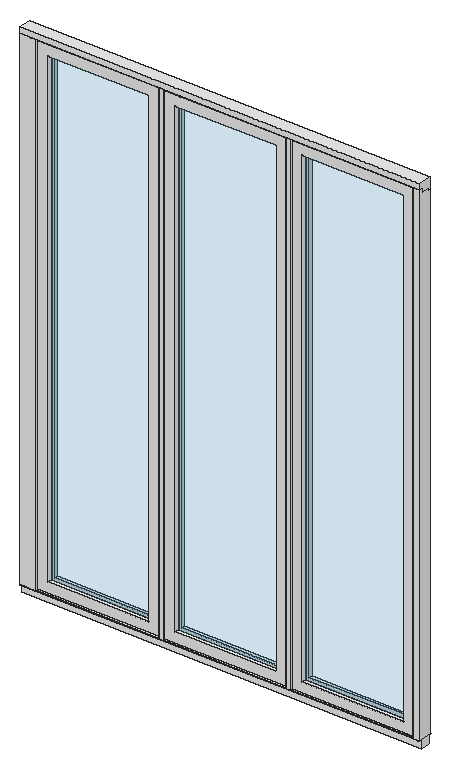
Revit family "Window-NanaWall-SL-73", category Windows, host Wall, Revit 2013 (continued)
Definition of nested family "Left-Jamb_SL-73"
  Definition of nested family "LeftJamb_SL73"
    Lines and regions (in)
      model lines, style "DetailComponents", in view "Ref. Level"
        curve 150: arc (-6.43012, -0.18135, 0) -> (-6.42781, -0.18692, 0) -> (-6.42224, -0.18922, 0) r 0.00787
        curve 151: arc (-6.27067, -0.18922, 0) -> (-6.2651, -0.18692, 0) -> (-6.2628, -0.18135, 0) r 0.00787
        curve 152: arc (-6.30709, -0.04408, 0) -> (-6.31236, -0.0244, 0) -> (-6.32677, -0.00999, 0) r 0.03937
        curve 153: arc (-6.32677, 0.41894, 0) -> (-6.31236, 0.43335, 0) -> (-6.30709, 0.45304, 0) r 0.03937
        curve 154: arc (-6.2628, 0.5903, 0) -> (-6.2651, 0.59587, 0) -> (-6.27067, 0.59818, 0) r 0.00787
        curve 155: arc (-6.42224, 0.59818, 0) -> (-6.42781, 0.59587, 0) -> (-6.43012, 0.5903, 0) r 0.00787
        curve 156: arc (-6.50689, 0.01899, 0) -> (-6.50425, 0.00915, 0) -> (-6.49705, 0.00194, 0) r 0.01969
        curve 157: arc (-6.49705, 0.40701, 0) -> (-6.50425, 0.3998, 0) -> (-6.50689, 0.38996, 0) r 0.01969
        curve 158: arc (-5.65945, -0.05659, 0) -> (-5.66665, -0.06379, 0) -> (-5.66929, -0.07363, 0) r 0.01969
        curve 159: arc (-5.66929, 0.48259, 0) -> (-5.66665, 0.47275, 0) -> (-5.65945, 0.46554, 0) r 0.01969
        curve 160: arc (-5.63878, 0.04172, 0) -> (-5.62437, 0.05613, 0) -> (-5.61909, 0.07582, 0) r 0.03937
        curve 161: arc (-5.61909, 0.33314, 0) -> (-5.62437, 0.35282, 0) -> (-5.63878, 0.36723, 0) r 0.03937
        curve 162: arc (-5.625, 0.5903, 0) -> (-5.62731, 0.59587, 0) -> (-5.63287, 0.59818, 0) r 0.00787
        curve 163: arc (-5.78445, 0.59818, 0) -> (-5.79002, 0.59587, 0) -> (-5.79232, 0.5903, 0) r 0.00787
        curve 164: arc (-5.74803, 0.45304, 0) -> (-5.74276, 0.43335, 0) -> (-5.72835, 0.41894, 0) r 0.03937
        curve 165: arc (-5.72835, -0.00999, 0) -> (-5.74276, -0.0244, 0) -> (-5.74803, -0.04408, 0) r 0.03937
        curve 166: arc (-5.79232, -0.18135, 0) -> (-5.79002, -0.18692, 0) -> (-5.78445, -0.18922, 0) r 0.00787
        curve 167: arc (-5.63287, -0.18922, 0) -> (-5.62731, -0.18692, 0) -> (-5.625, -0.18135, 0) r 0.00787
        curve 168: arc (-5.54823, 0.38996, 0) -> (-5.55087, 0.3998, 0) -> (-5.55807, 0.40701, 0) r 0.01969
        curve 169: arc (-5.55807, 0.00194, 0) -> (-5.55087, 0.00915, 0) -> (-5.54823, 0.01899, 0) r 0.01969
        curve 170: arc (-6.07385, 0.81241, 0) -> (-6.07942, 0.81471, 0) -> (-6.08498, 0.81241, 0) r 0.00787
        curve 171: arc (-6.53543, 0.62967, 0) -> (-6.52621, 0.6074, 0) -> (-6.50394, 0.59818, 0) r 0.0315
        curve 172: arc (-6.50394, 0.47655, 0) -> (-6.49624, 0.46093, 0) -> (-6.47916, 0.45753, 0) r 0.01969
        curve 173: arc (-6.39406, 0.48034, 0) -> (-6.38882, 0.48493, 0) -> (-6.38927, 0.49188, 0) r 0.00787
        curve 174: arc (-6.44383, 0.58637, 0) -> (-6.44383, 0.59424, 0) -> (-6.43701, 0.59818, 0) r 0.00787
        curve 175: arc (-6.25591, 0.59818, 0) -> (-6.24909, 0.59424, 0) -> (-6.24909, 0.58637, 0) r 0.00787
        curve 176: arc (-6.30364, 0.49188, 0) -> (-6.30364, 0.484, 0) -> (-6.29682, 0.48007, 0) r 0.00787
        curve 177: arc (-6.24227, 0.48007, 0) -> (-6.22258, 0.48534, 0) -> (-6.20817, 0.49975, 0) r 0.03937
        curve 178: arc (-5.84695, 0.49975, 0) -> (-5.83254, 0.48534, 0) -> (-5.81285, 0.48007, 0) r 0.03937
        curve 179: arc (-5.7583, 0.48007, 0) -> (-5.75148, 0.484, 0) -> (-5.75148, 0.49188, 0) r 0.00787
        curve 180: arc (-5.80603, 0.58637, 0) -> (-5.80603, 0.59424, 0) -> (-5.79921, 0.59818, 0) r 0.00787
        curve 181: arc (-5.61811, 0.59818, 0) -> (-5.61129, 0.59424, 0) -> (-5.61129, 0.58637, 0) r 0.00787
        curve 182: arc (-5.66584, 0.49188, 0) -> (-5.6663, 0.48493, 0) -> (-5.66106, 0.48034, 0) r 0.00787
        curve 183: arc (-5.57596, 0.45753, 0) -> (-5.55888, 0.46093, 0) -> (-5.55118, 0.47655, 0) r 0.01969
        curve 184: arc (-4.75984, 0.59818, 0) -> (-4.72441, 0.63361, 0) -> (-4.75984, 0.66904, 0) r 0.03543
        curve 185: arc (-4.97098, 0.73665, 0) -> (-4.96359, 0.74055, 0) -> (-4.96063, 0.74837, 0) r 0.01181
        curve 186: arc (-4.96063, 0.80232, 0) -> (-4.96359, 0.81013, 0) -> (-4.97098, 0.81404, 0) r 0.01181
        curve 187: arc (-4.65354, 0.88164, 0) -> (-4.64923, 0.87594, 0) -> (-4.64241, 0.87377, 0) r 0.01181
        curve 188: arc (-4.61811, 0.87377, 0) -> (-4.60976, 0.87723, 0) -> (-4.6063, 0.88558, 0) r 0.01181
        curve 189: arc (-4.6063, 0.91314, 0) -> (-4.61783, 0.94098, 0) -> (-4.64567, 0.95251, 0) r 0.03937
        curve 190: arc (-4.61811, 1.49582, 0) -> (-4.60081, 1.45406, 0) -> (-4.55906, 1.43676, 0) r 0.05906
        curve 191: arc (-4.17323, 1.56274, 0) -> (-4.094, 1.53223, 0) -> (-4.05571, 1.45645, 0) r 0.11811
        curve 192: arc (-4.2126, 1.45645, 0) -> (-4.25436, 1.43915, 0) -> (-4.27165, 1.39739, 0) r 0.05906
        curve 193: arc (-4.27165, 1.34621, 0) -> (-4.26012, 1.31837, 0) -> (-4.23228, 1.30684, 0) r 0.03937
        curve 194: arc (-4.20472, 1.30684, 0) -> (-4.1908, 1.3126, 0) -> (-4.18504, 1.32652, 0) r 0.01969
        curve 195: arc (-4.06299, 1.32652, 0) -> (-4.05723, 1.3126, 0) -> (-4.04331, 1.30684, 0) r 0.01969
        curve 196: arc (-3.97638, 1.44463, 0) -> (-4.03403, 1.58383, 0) -> (-4.17323, 1.64148, 0) r 0.19685
        curve 197: arc (-6.08498, 0.89576, 0) -> (-6.07942, 0.89345, 0) -> (-6.07385, 0.89576, 0) r 0.00787
        curve 198: arc (-0.88499, -0.3467, 0) -> (-0.87385, -0.34209, 0) -> (-0.86924, -0.33096, 0) r 0.01575
        curve 199: arc (-0.91255, -0.22911, 0) -> (-0.91094, -0.24134, 0) -> (-0.90622, -0.25274, 0) r 0.04724
        curve 200: arc (-0.90622, 0.50421, 0) -> (-0.91094, 0.49282, 0) -> (-0.91255, 0.48059, 0) r 0.04724
        curve 201: arc (-0.86924, 0.58243, 0) -> (-0.87385, 0.59357, 0) -> (-0.88499, 0.59818, 0) r 0.01575
        curve 202: arc (-1.01885, 0.59818, 0) -> (-1.02998, 0.59357, 0) -> (-1.0346, 0.58243, 0) r 0.01575
        curve 203: arc (-0.99129, 0.48059, 0) -> (-0.9929, 0.49282, 0) -> (-0.99762, 0.50421, 0) r 0.04724
        curve 204: arc (-0.99762, -0.25274, 0) -> (-0.9929, -0.24134, 0) -> (-0.99129, -0.22911, 0) r 0.04724
        curve 205: arc (-1.0346, -0.33096, 0) -> (-1.02998, -0.34209, 0) -> (-1.01885, -0.3467, 0) r 0.01575
        curve 206: arc (-1.48115, -0.3467, 0) -> (-1.47002, -0.34209, 0) -> (-1.4654, -0.33096, 0) r 0.01575
        curve 207: arc (-1.50871, -0.22911, 0) -> (-1.5071, -0.24134, 0) -> (-1.50238, -0.25274, 0) r 0.04724
        curve 208: arc (-1.50238, 0.50421, 0) -> (-1.5071, 0.49282, 0) -> (-1.50871, 0.48059, 0) r 0.04724
        curve 209: arc (-1.4654, 0.58243, 0) -> (-1.47002, 0.59357, 0) -> (-1.48115, 0.59818, 0) r 0.01575
        curve 210: arc (-1.61501, 0.59818, 0) -> (-1.62615, 0.59357, 0) -> (-1.63076, 0.58243, 0) r 0.01575
        curve 211: arc (-1.58745, 0.48059, 0) -> (-1.58906, 0.49282, 0) -> (-1.59378, 0.50421, 0) r 0.04724
        curve 212: arc (-1.59378, -0.25274, 0) -> (-1.58906, -0.24134, 0) -> (-1.58745, -0.22911, 0) r 0.04724
        curve 213: arc (-1.63076, -0.33096, 0) -> (-1.62615, -0.34209, 0) -> (-1.61501, -0.3467, 0) r 0.01575
        curve 214: arc (-1.11811, 0.56668, 0) -> (-1.09851, 0.51936, 0) -> (-1.05118, 0.49975, 0) r 0.06693
        curve 215: arc (-1.00868, 0.49975, 0) -> (-1.00081, 0.50763, 0) -> (-1.00868, 0.5155, 0) r 0.00787
        curve 216: arc (-0.86485, 0.55255, 0) -> (-0.84802, 0.57232, 0) -> (-0.85039, 0.59818, 0) r 0.03346
        curve 217: arc (-0.86485, 0.55255, 0) -> (-0.8723, 0.54732, 0) -> (-0.87794, 0.54018, 0) r 0.0315
        curve 218: arc (-0.89057, 0.5183, 0) -> (-0.89434, 0.51935, 0) -> (-0.89814, 0.51847, 0) r 0.00787
        curve 219: arc (-0.89814, 0.51847, 0) -> (-0.90137, 0.51535, 0) -> (-0.90237, 0.51097, 0) r 0.00787
        curve 220: arc (-0.90237, 0.51097, 0) -> (-0.9006, 0.50649, 0) -> (-0.89655, 0.50388, 0) r 0.00787
        curve 221: arc (-0.8327, 0.47771, 0) -> (-0.83514, 0.4849, 0) -> (-0.84145, 0.48911, 0) r 0.01181
        curve 222: arc (-0.82483, 0.42101, 0) -> (-0.80255, 0.43024, 0) -> (-0.79333, 0.45251, 0) r 0.0315
        curve 223: arc (-0.78987, 0.46677, 0) -> (-0.79243, 0.46293, 0) -> (-0.79333, 0.45841, 0) r 0.01181
        curve 224: arc (-0.78214, 0.4745, 0) -> (-0.7803, 0.47737, 0) -> (-0.77986, 0.48075, 0) r 0.00787
        curve 225: arc (-0.7874, 0.59517, 0) -> (-0.79132, 0.58709, 0) -> (-0.78842, 0.57859, 0) r 0.01181
        curve 226: arc (-0.83654, 0.75539, 0) -> (-0.84338, 0.75403, 0) -> (-0.84646, 0.74778, 0) r 0.00787
        curve 227: arc (-0.07105, 0.98091, 0) -> (-0.13394, 1.12, 0) -> (-0.27559, 1.17692, 0) r 0.20472
        curve 228: arc (-0.09072, 0.96038, 0) -> (-0.07651, 0.96645, 0) -> (-0.07105, 0.98091, 0) r 0.01969
        curve 229: arc (-0.40551, 0.96038, 0) -> (-0.44727, 0.94309, 0) -> (-0.46457, 0.90133, 0) r 0.05906
        curve 230: arc (-0.46457, 0.82259, 0) -> (-0.45073, 0.78918, 0) -> (-0.41732, 0.77534, 0) r 0.04724
        curve 231: arc (0, 0.97219, 0) -> (-0.08072, 1.16707, 0) -> (-0.27559, 1.24778, 0) r 0.27559
        curve 232: arc (-1.7126, 1.06437, 0) -> (-1.70669, 1.15608, 0) -> (-1.7126, 1.24778, 0) r 0.71502
        curve 233: arc (-1.66346, 1.0512, 0) -> (-1.65662, 1.05256, 0) -> (-1.65354, 1.05881, 0) r 0.00787
        curve 234: arc (-1.65354, 0.74778, 0) -> (-1.65662, 0.75403, 0) -> (-1.66346, 0.75539, 0) r 0.00787
        curve 235: arc (-1.71158, 0.57859, 0) -> (-1.70868, 0.58709, 0) -> (-1.7126, 0.59517, 0) r 0.01181
        curve 236: arc (-1.72014, 0.48075, 0) -> (-1.7197, 0.47737, 0) -> (-1.71786, 0.4745, 0) r 0.00787
        curve 237: arc (-1.70667, 0.45841, 0) -> (-1.70757, 0.46293, 0) -> (-1.71013, 0.46677, 0) r 0.01181
        curve 238: arc (-1.70667, 0.45251, 0) -> (-1.69745, 0.43024, 0) -> (-1.67517, 0.42101, 0) r 0.0315
        curve 239: arc (-1.65855, 0.48911, 0) -> (-1.66486, 0.4849, 0) -> (-1.6673, 0.47771, 0) r 0.01181
        curve 240: arc (-1.60345, 0.50388, 0) -> (-1.5994, 0.50649, 0) -> (-1.59763, 0.51097, 0) r 0.00787
        curve 241: arc (-1.59763, 0.51097, 0) -> (-1.59863, 0.51535, 0) -> (-1.60186, 0.51847, 0) r 0.00787
        curve 242: arc (-1.60186, 0.51847, 0) -> (-1.60566, 0.51935, 0) -> (-1.60943, 0.5183, 0) r 0.00787
        curve 243: arc (-1.62206, 0.54018, 0) -> (-1.6277, 0.54732, 0) -> (-1.63515, 0.55255, 0) r 0.0315
        curve 244: arc (-1.64961, 0.59818, 0) -> (-1.65198, 0.57232, 0) -> (-1.63515, 0.55255, 0) r 0.03346
        curve 245: arc (-1.49132, 0.5155, 0) -> (-1.49919, 0.50763, 0) -> (-1.49132, 0.49975, 0) r 0.00787
        curve 246: arc (-1.44882, 0.49975, 0) -> (-1.40149, 0.51936, 0) -> (-1.38189, 0.56668, 0) r 0.06693
        curve 247: arc (-1.63515, -0.30108, 0) -> (-1.65198, -0.32085, 0) -> (-1.64961, -0.3467, 0) r 0.03346
        curve 248: arc (-1.63515, -0.30108, 0) -> (-1.6277, -0.29585, 0) -> (-1.62206, -0.2887, 0) r 0.0315
        curve 249: arc (-1.59762, -0.25975, 0) -> (-1.59932, -0.25511, 0) -> (-1.60345, -0.2524, 0) r 0.00787
        curve 250: arc (-1.60207, -0.2671, 0) -> (-1.59876, -0.26409, 0) -> (-1.59762, -0.25975, 0) r 0.00787
        curve 251: arc (-1.60943, -0.26683, 0) -> (-1.60578, -0.26788, 0) -> (-1.60207, -0.2671, 0) r 0.00787
        curve 252: arc (-1.6673, -0.22623, 0) -> (-1.66486, -0.23342, 0) -> (-1.65855, -0.23764, 0) r 0.01181
        curve 253: arc (-1.67517, -0.16954, 0) -> (-1.69745, -0.17876, 0) -> (-1.70667, -0.20103, 0) r 0.0315
        curve 254: arc (-1.71013, -0.21529, 0) -> (-1.70757, -0.21146, 0) -> (-1.70667, -0.20694, 0) r 0.01181
        curve 255: arc (-1.71786, -0.22303, 0) -> (-1.7197, -0.2259, 0) -> (-1.72014, -0.22928, 0) r 0.00787
        curve 256: arc (-1.7126, -0.3437, 0) -> (-1.70868, -0.33562, 0) -> (-1.71158, -0.32712, 0) r 0.01181
        curve 257: arc (-1.7126, -0.38607, 0) -> (-1.70107, -0.41391, 0) -> (-1.67323, -0.42544, 0) r 0.03937
        curve 258: arc (-1.7874, -0.68135, 0) -> (-1.80132, -0.68712, 0) -> (-1.80709, -0.70103, 0) r 0.01969
        curve 259: arc (-2.00394, -0.70103, 0) -> (-2.0097, -0.68712, 0) -> (-2.02362, -0.68135, 0) r 0.01969
        curve 260: arc (-2.07087, -0.68135, 0) -> (-2.0987, -0.69288, 0) -> (-2.11024, -0.72072, 0) r 0.03937
        curve 261: arc (-2.25619, -0.8782, 0) -> (-2.28279, -0.88854, 0) -> (-2.29541, -0.91414, 0) r 0.03937
        curve 262: arc (-2.25401, -1.01573, 0) -> (-2.24718, -1.01437, 0) -> (-2.24409, -1.00812, 0) r 0.00787
        curve 263: arc (-2.24409, -1.31915, 0) -> (-2.24718, -1.3129, 0) -> (-2.25401, -1.31154, 0) r 0.00787
        curve 264: arc (-2.30315, -1.50812, 0) -> (-2.29724, -1.41641, 0) -> (-2.30315, -1.32471, 0) r 0.71502
        curve 265: arc (-0.83654, -0.74067, 0) -> (-0.84338, -0.74203, 0) -> (-0.84646, -0.74828, 0) r 0.00787
        curve 266: arc (-0.84646, -0.49631, 0) -> (-0.84338, -0.50256, 0) -> (-0.83654, -0.50392, 0) r 0.00787
        curve 267: arc (-0.78842, -0.32712, 0) -> (-0.79132, -0.33562, 0) -> (-0.7874, -0.3437, 0) r 0.01181
        curve 268: arc (-0.77986, -0.22928, 0) -> (-0.7803, -0.2259, 0) -> (-0.78214, -0.22303, 0) r 0.00787
        curve 269: arc (-0.79333, -0.20694, 0) -> (-0.79243, -0.21146, 0) -> (-0.78987, -0.21529, 0) r 0.01181
        curve 270: arc (-0.79333, -0.20103, 0) -> (-0.80255, -0.17876, 0) -> (-0.82483, -0.16954, 0) r 0.0315
        curve 271: arc (-0.84145, -0.23764, 0) -> (-0.83514, -0.23342, 0) -> (-0.8327, -0.22623, 0) r 0.01181
        curve 272: arc (-0.89655, -0.2524, 0) -> (-0.90068, -0.25511, 0) -> (-0.90238, -0.25975, 0) r 0.00787
        curve 273: arc (-0.90238, -0.25975, 0) -> (-0.90124, -0.26409, 0) -> (-0.89793, -0.2671, 0) r 0.00787
        curve 274: arc (-0.89793, -0.2671, 0) -> (-0.89422, -0.26788, 0) -> (-0.89057, -0.26683, 0) r 0.00787
        curve 275: arc (-0.87794, -0.2887, 0) -> (-0.8723, -0.29585, 0) -> (-0.86485, -0.30108, 0) r 0.0315
        curve 276: arc (-0.85039, -0.3467, 0) -> (-0.84802, -0.32085, 0) -> (-0.86485, -0.30108, 0) r 0.03346
        curve 277: arc (-1.00868, -0.26403, 0) -> (-1.00475, -0.26297, 0) -> (-1.00187, -0.26009, 0) r 0.00787
        curve 278: arc (-1.00187, -0.26009, 0) -> (-1.00187, -0.25222, 0) -> (-1.00868, -0.24828, 0) r 0.00787
        curve 279: arc (-1.05118, -0.24828, 0) -> (-1.09851, -0.26788, 0) -> (-1.11811, -0.31521, 0) r 0.06693
        curve 280: arc (-1.38189, -0.31521, 0) -> (-1.40149, -0.26788, 0) -> (-1.44882, -0.24828, 0) r 0.06693
        curve 281: arc (-1.49813, -0.26009, 0) -> (-1.49525, -0.26297, 0) -> (-1.49132, -0.26403, 0) r 0.00787
        curve 282: arc (-1.49132, -0.24828, 0) -> (-1.49813, -0.25222, 0) -> (-1.49813, -0.26009, 0) r 0.00787
        curve 283: arc (-1.48031, -1.35852, 0) -> (-1.50815, -1.37005, 0) -> (-1.51969, -1.39789, 0) r 0.03937
        curve 284: arc (-1.76772, -0.94513, 0) -> (-1.72039, -0.92553, 0) -> (-1.70079, -0.8782, 0) r 0.06693
        curve 285: arc (-1.51969, -0.74828, 0) -> (-1.47236, -0.72868, 0) -> (-1.45276, -0.68135, 0) r 0.06693
        curve 286: arc (-1.7126, 1.06437, 0) -> (-1.70669, 1.15608, 0) -> (-1.7126, 1.24778, 0) r 0.71502
        curve 287: arc (-0.46457, 0.82259, 0) -> (-0.45073, 0.78918, 0) -> (-0.41732, 0.77534, 0) r 0.04724
        curve 288: arc (-0.60646, 0.543, 0) -> (-0.59585, 0.5386, 0) -> (-0.58525, 0.543, 0) r 0.015
        curve 289: arc (-0.53153, 0.59671, 0) -> (-0.52093, 0.6011, 0) -> (-0.51032, 0.59671, 0) r 0.015
        curve 290: arc (-0.45661, 0.543, 0) -> (-0.446, 0.5386, 0) -> (-0.43539, 0.543, 0) r 0.015
        curve 291: arc (-0.38168, 0.59671, 0) -> (-0.37108, 0.6011, 0) -> (-0.36047, 0.59671, 0) r 0.015
        curve 292: arc (-0.30676, 0.543, 0) -> (-0.29615, 0.5386, 0) -> (-0.28554, 0.543, 0) r 0.015
        curve 293: arc (-0.23183, 0.59671, 0) -> (-0.22122, 0.6011, 0) -> (-0.21062, 0.59671, 0) r 0.015
        curve 294: arc (-0.1569, 0.543, 0) -> (-0.1463, 0.5386, 0) -> (-0.13569, 0.543, 0) r 0.015
        curve 295: arc (-0.08198, 0.59671, 0) -> (-0.07137, 0.6011, 0) -> (-0.06076, 0.59671, 0) r 0.015
        curve 296: arc (-0.00705, 0.543, 0) -> (0.00356, 0.5386, 0) -> (0.01416, 0.543, 0) r 0.015
        curve 297: arc (0.06788, 0.59671, 0) -> (0.07848, 0.6011, 0) -> (0.08909, 0.59671, 0) r 0.015
        curve 298: arc (0.1578, 0.528, 0) -> (0.17606, 0.5257, 0) -> (0.18281, 0.54281, 0) r 0.015
        curve 299: arc (0.09369, 0.85361, 0) -> (0.0829, 0.8693, 0) -> (0.06485, 0.87534, 0) r 0.03
        curve 300: arc (-0.08343, 0.82471, 0) -> (-0.07456, 0.83009, 0) -> (-0.07524, 0.84044, 0) r 0.01
        curve 301: arc (-0.18183, 0.78257, 0) -> (-0.19255, 0.76654, 0) -> (-0.21081, 0.76034, 0) r 0.03
        curve 302: arc (-0.26557, 0.76034, 0) -> (-0.28383, 0.76654, 0) -> (-0.29455, 0.78257, 0) r 0.03
        curve 303: arc (-0.40115, 0.84044, 0) -> (-0.40182, 0.83009, 0) -> (-0.39295, 0.82471, 0) r 0.01
        curve 304: arc (-0.2225, -0.75732, 0) -> (-0.18681, -0.75787, 0) -> (-0.16535, -0.72935, 0) r 0.03937
        curve 305: arc (-0.09251, -0.7571, 0) -> (-0.00658, -0.70869, 0) -> (0.0337, -0.61866, 0) r 0.15748
        curve 306: arc (-0.11107, -0.73892, 0) -> (-0.10658, -0.7529, 0) -> (-0.09251, -0.7571, 0) r 0.01575
        curve 307: arc (0.10384, -0.62843, 0) -> (0.07384, -0.58718, 0) -> (0.0337, -0.61866, 0) r 0.03543
        curve 308: arc (-0.08995, -0.61919, 0) -> (-0.11231, -0.58726, 0) -> (-0.14424, -0.60962, 0) r 0.02756
        curve 309: arc (-0.53839, -0.59049, 0) -> (-0.58095, -0.60363, 0) -> (-0.56781, -0.64619, 0) r 0.0315
        curve 310: arc (-0.69685, -1.4097, 0) -> (-0.69108, -1.42362, 0) -> (-0.67717, -1.42938, 0) r 0.01969
        curve 311: arc (-0.69685, -1.29186, 0) -> (-0.72337, -1.22783, 0) -> (-0.7874, -1.2013, 0) r 0.09055
        curve 312: arc (-0.83811, -1.18516, 0) -> (-0.83136, -1.19674, 0) -> (-0.81875, -1.2013, 0) r 0.01969
        curve 313: arc (-0.88717, -0.92401, 0) -> (-0.86818, -0.89653, 0) -> (-0.89566, -0.87754, 0) r 0.02362
        curve 314: arc (-0.93441, -0.88461, 0) -> (-0.95974, -0.90098, 0) -> (-0.96606, -0.93047, 0) r 0.03937
        curve 315: arc (-0.9719, -0.93953, 0) -> (-0.96718, -0.93616, 0) -> (-0.96606, -0.93047, 0) r 0.00787
        curve 316: arc (-0.9719, -0.93953, 0) -> (-0.98946, -0.9667, 0) -> (-0.96344, -0.98592, 0) r 0.02362
        curve 317: arc (-0.95476, -0.99232, 0) -> (-0.95783, -0.9874, 0) -> (-0.96344, -0.98592, 0) r 0.00787
        curve 318: arc (-0.87399, -1.29541, 0) -> (-0.86725, -1.30698, 0) -> (-0.85466, -1.31154, 0) r 0.01965
        curve 319: arc (-0.83858, -1.31154, 0) -> (-0.82466, -1.30578, 0) -> (-0.8189, -1.29186, 0) r 0.01969
        curve 320: arc (-0.79921, -1.27217, 0) -> (-0.81313, -1.27794, 0) -> (-0.8189, -1.29186, 0) r 0.01969
        curve 321: arc (-0.76772, -1.29186, 0) -> (-0.77348, -1.27794, 0) -> (-0.7874, -1.27217, 0) r 0.01969
        curve 322: arc (-0.76772, -1.453, 0) -> (-0.78164, -1.45877, 0) -> (-0.7874, -1.47269, 0) r 0.01969
        curve 323: arc (-0.0003, -0.90428, 0) -> (-0.01183, -0.87644, 0) -> (-0.03967, -0.86491, 0) r 0.03937
        curve 324: arc (-0.07904, -0.86491, 0) -> (-0.09296, -0.87067, 0) -> (-0.09872, -0.88459, 0) r 0.01968
        curve 325: arc (-0.25621, -0.88459, 0) -> (-0.26197, -0.87067, 0) -> (-0.27589, -0.86491, 0) r 0.01969
        curve 326: arc (-0.30345, -0.86491, 0) -> (-0.33129, -0.87644, 0) -> (-0.34282, -0.90428, 0) r 0.03937
        curve 327: arc (-0.34282, -0.98302, 0) -> (-0.33129, -1.01086, 0) -> (-0.30345, -1.02239, 0) r 0.03937
        curve 328: arc (-0.9719, -0.93953, 0) -> (-0.98946, -0.9667, 0) -> (-0.96344, -0.98592, 0) r 0.02362
        curve 329: arc (-0.96344, -0.98592, 0) -> (-0.95783, -0.9874, 0) -> (-0.95476, -0.99232, 0) r 0.00787
        curve 330: arc (-0.87399, -1.29541, 0) -> (-0.86725, -1.30698, 0) -> (-0.85465, -1.31154, 0) r 0.01965
        curve 331: arc (-0.83858, -1.31154, 0) -> (-0.82466, -1.30578, 0) -> (-0.8189, -1.29186, 0) r 0.01969
        curve 332: arc (-0.8189, -1.29186, 0) -> (-0.81313, -1.27794, 0) -> (-0.79921, -1.27217, 0) r 0.01969
        curve 333: arc (-0.7874, -1.27217, 0) -> (-0.77348, -1.27794, 0) -> (-0.76772, -1.29186, 0) r 0.01969
        curve 334: arc (-0.76772, -1.453, 0) -> (-0.78164, -1.45877, 0) -> (-0.7874, -1.47269, 0) r 0.01969
        curve 335: arc (-0.0003, -0.90428, 0) -> (-0.01183, -0.87644, 0) -> (-0.03967, -0.86491, 0) r 0.03937
        curve 336: arc (-0.07904, -0.86491, 0) -> (-0.09296, -0.87067, 0) -> (-0.09872, -0.88459, 0) r 0.01968
        curve 337: arc (-0.25621, -0.88459, 0) -> (-0.26197, -0.87067, 0) -> (-0.27589, -0.86491, 0) r 0.01969
        curve 338: arc (-0.30345, -0.86491, 0) -> (-0.33129, -0.87644, 0) -> (-0.34282, -0.90428, 0) r 0.03937
        curve 339: arc (-0.34282, -0.98302, 0) -> (-0.33129, -1.01086, 0) -> (-0.30345, -1.02239, 0) r 0.03937
        curve 340: arc (-0.67717, -1.42938, 0) -> (-0.69108, -1.42362, 0) -> (-0.69685, -1.4097, 0) r 0.01969
        curve 341: arc (-0.69685, -1.29186, 0) -> (-0.72337, -1.22783, 0) -> (-0.7874, -1.2013, 0) r 0.09055
        curve 342: arc (-0.81875, -1.2013, 0) -> (-0.83136, -1.19674, 0) -> (-0.83811, -1.18516, 0) r 0.01969
        curve 343: arc (-0.88717, -0.92401, 0) -> (-0.86818, -0.89653, 0) -> (-0.89566, -0.87754, 0) r 0.02362
        curve 344: line (-2.01762, 1.2281, 0) -> (-2.01762, 1.05093, 0)
        curve 345: line (-2.01762, 1.05093, 0) -> (-2.07634, 1.05392, 0)
        curve 346: line (-2.07634, 1.05392, 0) -> (-2.08858, 1.04757, 0)
        curve 347: line (-2.08858, 1.04757, 0) -> (-2.10055, 1.08046, 0)
        curve 348: line (-2.10055, 1.08046, 0) -> (-2.1752, 1.00582, 0)
        curve 349: line (-2.1752, 1.00582, 0) -> (-2.1752, 0.80077, 0)
        curve 350: line (-1.80949, 1.19636, 0) -> (-1.85193, 1.03346, 0)
        curve 351: line (-1.72244, 1.2281, 0) -> (-1.72244, 0.57849, 0)
        curve 352: line (-1.93147, 1.15866, 0) -> (-1.88743, 1.03179, 0)
        curve 353: line (-1.77165, 0.61786, 0) -> (-1.77165, 0.9033, 0)
        curve 354: line (-1.77165, 0.9033, 0) -> (-1.77165, 1.18873, 0)
        curve 355: line (-1.83564, 1.23573, 0) -> (-1.86583, 1.10199, 0)
        curve 356: line (-1.74213, 1.24778, 0) -> (-1.8175, 1.24778, 0)
        curve 357: line (-1.92901, 1.2374, 0) -> (-1.88003, 1.10133, 0)
        curve 358: line (-1.94636, 1.24778, 0) -> (-1.99793, 1.24778, 0)
        curve 359: line (-2.01762, 0.57849, 0) -> (-2.01762, 0.75566, 0)
        curve 360: line (-2.01762, 0.75566, 0) -> (-2.07634, 0.75267, 0)
        curve 361: line (-2.07634, 0.75267, 0) -> (-2.08858, 0.75902, 0)
        curve 362: line (-2.08858, 0.75902, 0) -> (-2.10055, 0.72613, 0)
        curve 363: line (-2.10055, 0.72613, 0) -> (-2.1752, 0.80077, 0)
        curve 364: line (-1.83564, 0.57087, 0) -> (-1.86583, 0.7046, 0)
        curve 365: line (-1.92901, 0.56919, 0) -> (-1.88003, 0.70527, 0)
        curve 366: line (-1.80949, 0.61024, 0) -> (-1.85193, 0.77313, 0)
        curve 367: line (-2.11763, 1.00771, 0) -> (-2.04921, 1.00172, 0)
        curve 368: line (-2.04921, 1.00172, 0) -> (-2.04921, 0.80487, 0)
        curve 369: line (-2.04921, 0.80487, 0) -> (-2.11763, 0.79888, 0)
        curve 370: line (-2.11763, 0.79888, 0) -> (-2.14764, 0.82889, 0)
        curve 371: line (-2.14764, 0.82889, 0) -> (-2.14764, 0.9777, 0)
        curve 372: line (-2.14764, 0.9777, 0) -> (-2.11763, 1.00771, 0)
        curve 373: line (-1.9685, 0.65723, 0) -> (-1.9685, 0.84933, 0)
        curve 374: line (-1.9685, 0.84933, 0) -> (-1.99016, 0.89263, 0)
        curve 375: line (-1.99016, 0.89263, 0) -> (-1.99016, 0.9033, 0)
        curve 376: line (-1.99016, 0.9033, 0) -> (-1.99016, 0.91396, 0)
        curve 377: line (-1.99016, 0.91396, 0) -> (-1.9685, 0.95727, 0)
        curve 378: line (-1.9685, 0.95727, 0) -> (-1.9685, 1.14936, 0)
        curve 379: line (-1.93147, 0.64793, 0) -> (-1.88743, 0.7748, 0)
        curve 380: line (-1.74213, 0.55881, 0) -> (-1.8175, 0.55881, 0)
        curve 381: line (-1.94636, 0.55881, 0) -> (-1.99793, 0.55881, 0)
        curve 382: line (-1.76772, -0.74034, 0) -> (-1.76945, -0.75357, 0)
        curve 383: line (-1.76945, -0.75357, 0) -> (-1.82542, -0.80954, 0)
        curve 384: line (-1.82542, -0.80954, 0) -> (-1.99005, -0.81127, 0)
        curve 385: line (-1.99005, -0.81127, 0) -> (-2.04158, -0.76219, 0)
        curve 386: line (-2.04158, -0.76219, 0) -> (-2.04331, -0.74897, 0)
        curve 387: line (-2.22638, -0.63411, 0) -> (-1.76378, -0.63411, 0)
        curve 388: line (-1.72441, -0.67348, 0) -> (-1.72441, -0.68135, 0)
        curve 389: line (-1.72441, -0.68135, 0) -> (-1.80118, -0.68135, 0)
        curve 390: line (-1.80118, -0.68135, 0) -> (-1.80709, -0.74434, 0)
        curve 391: line (-1.80709, -0.74434, 0) -> (-1.78203, -0.73157, 0)
        curve 392: line (-1.83858, -0.75615, 0) -> (-1.83858, -0.71678, 0)
        curve 393: line (-2.029, -0.7402, 0) -> (-2.00394, -0.75297, 0)
        curve 394: line (-2.00394, -0.75297, 0) -> (-2.00394, -0.68726, 0)
        curve 395: line (-2.00394, -0.68726, 0) -> (-2.1122, -0.68135, 0)
        curve 396: line (-2.1122, -0.68135, 0) -> (-2.11811, -0.74623, 0)
        curve 397: line (-1.97244, -0.71678, 0) -> (-1.97244, -0.75615, 0)
        curve 398: line (-1.85827, -0.6971, 0) -> (-1.95276, -0.6971, 0)
        curve 399: line (-1.95276, -0.77584, 0) -> (-1.85827, -0.77584, 0)
        curve 400: line (-4.22835, -0.74034, 0) -> (-4.23008, -0.75357, 0)
        curve 401: line (-4.23008, -0.75357, 0) -> (-4.28605, -0.80954, 0)
        curve 402: line (-4.28605, -0.80954, 0) -> (-4.45068, -0.81127, 0)
        curve 403: line (-4.45068, -0.81127, 0) -> (-4.50221, -0.76219, 0)
        curve 404: line (-4.50221, -0.76219, 0) -> (-4.50394, -0.74897, 0)
        curve 405: line (-4.68701, -0.63411, 0) -> (-4.22441, -0.63411, 0)
        curve 406: line (-4.18504, -0.67348, 0) -> (-4.18504, -0.68135, 0)
        curve 407: line (-4.18504, -0.68135, 0) -> (-4.26181, -0.68135, 0)
        curve 408: line (-4.26181, -0.68135, 0) -> (-4.26772, -0.74434, 0)
        curve 409: line (-4.26772, -0.74434, 0) -> (-4.24266, -0.73157, 0)
        curve 410: line (-4.29921, -0.75615, 0) -> (-4.29921, -0.71678, 0)
        curve 411: line (-4.48963, -0.7402, 0) -> (-4.46457, -0.75297, 0)
        curve 412: line (-4.46457, -0.75297, 0) -> (-4.46457, -0.68726, 0)
        curve 413: line (-4.46457, -0.68726, 0) -> (-4.57283, -0.68135, 0)
        curve 414: line (-4.57283, -0.68135, 0) -> (-4.57874, -0.74623, 0)
        curve 415: line (-4.43307, -0.71678, 0) -> (-4.43307, -0.75615, 0)
        curve 416: line (-4.3189, -0.6971, 0) -> (-4.41339, -0.6971, 0)
        curve 417: line (-4.41339, -0.77584, 0) -> (-4.3189, -0.77584, 0)
        curve 418: line (-4.02744, 1.35802, 0) -> (-4.21642, 1.35802, 0)
        curve 419: line (-4.21642, 1.35802, 0) -> (-4.21642, 1.39739, 0)
        curve 420: line (-4.21642, 1.39739, 0) -> (-4.02744, 1.39739, 0)
        curve 421: line (-4.02744, 1.39739, 0) -> (-4.02744, 1.35802, 0)
        curve 422: line (-4.12193, 1.23991, 0) -> (-4.12193, 1.35802, 0)
        curve 423: line (-4.12193, 1.35802, 0) -> (-4.14275, 1.23991, 0)
        curve 424: line (-4.16191, 1.35802, 0) -> (-4.18273, 1.23991, 0)
        curve 425: line (-4.14192, 1.35802, 0) -> (-4.16274, 1.23991, 0)
        curve 426: line (-4.12193, 1.35802, 0) -> (-4.1011, 1.23991, 0)
        curve 427: line (-4.10194, 1.35802, 0) -> (-4.08111, 1.23991, 0)
        curve 428: line (-4.08195, 1.35802, 0) -> (-4.06113, 1.23991, 0)
        curve 429: line (-4.50394, -1.43726, 0) -> (-2.85827, -1.43726, 0)
        curve 430: line (-4.76378, -1.50812, 0) -> (-2.59843, -1.50812, 0)
        curve 431: line (-6.26772, 1.00369, 0) -> (-5.6811, 1.00369, 0)
        curve 432: line (-5.6811, 1.00369, 0) -> (-5.6811, 1.56274, 0)
        curve 433: line (-5.6811, 1.56274, 0) -> (-6.26772, 1.56274, 0)
        curve 434: line (-6.26772, 1.56274, 0) -> (-6.26772, 1.00369, 0)
        curve 435: line (-5.88344, 0.81233, 0) -> (-5.9716, 0.72416, 0)
        curve 436: line (-5.9716, 0.72416, 0) -> (-6.11417, 0.72416, 0)
        curve 437: line (-6.11417, 0.66904, 0) -> (-5.11024, 0.66904, 0)
        curve 438: line (-5.11024, 0.66904, 0) -> (-5.11024, 0.88164, 0)
        curve 439: line (-5.11024, 0.88164, 0) -> (-5.62218, 0.88164, 0)
        curve 440: line (-5.6811, 0.94463, 0) -> (-5.88471, 0.94463, 0)
        curve 441: line (-5.89863, 0.91103, 0) -> (-5.88344, 0.89584, 0)
        curve 442: line (-6.47916, -0.04858, 0) -> (-6.39406, -0.07138, 0)
        curve 443: line (-6.38583, -0.07363, 0) -> (-6.38927, -0.08292, 0)
        curve 444: line (-6.38927, -0.08292, 0) -> (-6.44383, -0.17741, 0)
        curve 445: line (-6.43701, -0.18922, 0) -> (-6.25591, -0.18922, 0)
        curve 446: line (-6.24909, -0.17741, 0) -> (-6.30364, -0.08292, 0)
        curve 447: line (-6.30364, -0.08292, 0) -> (-6.30709, -0.04408, 0)
        curve 448: line (-6.29682, -0.07111, 0) -> (-6.24227, -0.07111, 0)
        curve 449: line (-6.20817, -0.0908, 0) -> (-6.15135, -0.18922, 0)
        curve 450: line (-6.15135, -0.18922, 0) -> (-5.90377, -0.18922, 0)
        curve 451: line (-5.90377, -0.18922, 0) -> (-5.84695, -0.0908, 0)
        curve 452: line (-5.81285, -0.07111, 0) -> (-5.7583, -0.07111, 0)
        curve 453: line (-5.74803, -0.04408, 0) -> (-5.75148, -0.08292, 0)
        curve 454: line (-5.75148, -0.08292, 0) -> (-5.80603, -0.17741, 0)
        curve 455: line (-5.79921, -0.18922, 0) -> (-5.61811, -0.18922, 0)
        curve 456: line (-5.61129, -0.17741, 0) -> (-5.66584, -0.08292, 0)
        curve 457: line (-5.66584, -0.08292, 0) -> (-5.66929, -0.07363, 0)
        curve 458: line (-5.66106, -0.07138, 0) -> (-5.57596, -0.04858, 0)
        curve 459: line (-5.55118, -0.06759, 0) -> (-5.55118, -0.18922, 0)
        curve 460: line (-5.55118, -0.18922, 0) -> (-4.75984, -0.18922, 0)
        curve 461: line (-4.75984, -0.26009, 0) -> (-5.03937, -0.26009, 0)
        curve 462: line (-5.03937, -0.26009, 0) -> (-5.03937, -0.31915, 0)
        curve 463: line (-5.03937, -0.31915, 0) -> (-4.97098, -0.32769, 0)
        curve 464: line (-4.96063, -0.33941, 0) -> (-4.96063, -0.39336, 0)
        curve 465: line (-4.97098, -0.40508, 0) -> (-5.03937, -0.41363, 0)
        curve 466: line (-5.03937, -0.41363, 0) -> (-5.03937, -0.47269, 0)
        curve 467: line (-5.03937, -0.47269, 0) -> (-4.65354, -0.47269, 0)
        curve 468: line (-4.64241, -0.46481, 0) -> (-4.61811, -0.46481, 0)
        curve 469: line (-4.6063, -0.47663, 0) -> (-4.6063, -0.50418, 0)
        curve 470: line (-4.64567, -0.54355, 0) -> (-5.15748, -0.54355, 0)
        curve 471: line (-5.15748, -0.54355, 0) -> (-5.15748, -1.00017, 0)
        curve 472: line (-5.15748, -1.00017, 0) -> (-5.21654, -1.016, 0)
        curve 473: line (-5.21654, -1.016, 0) -> (-5.21654, -0.93726, 0)
        curve 474: line (-5.21654, -0.93726, 0) -> (-5.35433, -0.93726, 0)
        curve 475: line (-5.35433, -0.93726, 0) -> (-5.35433, -1.14318, 0)
        curve 476: line (-5.35433, -1.14318, 0) -> (-5.36614, -1.16363, 0)
        curve 477: line (-5.36614, -1.16363, 0) -> (-5.35433, -1.18409, 0)
        curve 478: line (-5.35433, -1.18409, 0) -> (-5.35433, -1.43726, 0)
        curve 479: line (-5.35433, -1.43726, 0) -> (-5.21654, -1.43726, 0)
        curve 480: line (-5.21654, -1.43726, 0) -> (-5.21654, -1.31127, 0)
        curve 481: line (-5.21654, -1.31127, 0) -> (-5.15748, -1.32709, 0)
        curve 482: line (-5.15748, -1.32709, 0) -> (-5.15748, -1.50812, 0)
        curve 483: line (-5.15748, -1.50812, 0) -> (-6.53543, -1.50812, 0)
        curve 484: line (-6.53543, -1.50812, 0) -> (-6.53543, -1.36646, 0)
        curve 485: line (-6.53543, -1.36646, 0) -> (-6.47638, -1.35064, 0)
        curve 486: line (-6.47638, -1.35064, 0) -> (-6.47638, -1.42938, 0)
        curve 487: line (-6.47638, -1.42938, 0) -> (-6.33858, -1.42938, 0)
        curve 488: line (-6.33858, -1.42938, 0) -> (-6.33858, -1.17425, 0)
        curve 489: line (-6.33858, -1.17425, 0) -> (-6.32677, -1.15379, 0)
        curve 490: line (-6.32677, -1.15379, 0) -> (-6.33858, -1.13333, 0)
        curve 491: line (-6.33858, -1.13333, 0) -> (-6.33858, -0.8782, 0)
        curve 492: line (-6.33858, -0.8782, 0) -> (-6.47638, -0.8782, 0)
        curve 493: line (-6.47638, -0.8782, 0) -> (-6.47638, -0.95694, 0)
        curve 494: line (-6.47638, -0.95694, 0) -> (-6.53543, -0.94112, 0)
        curve 495: line (-6.53543, -0.94112, 0) -> (-6.53543, -0.84277, 0)
        curve 496: line (-6.53543, -0.84277, 0) -> (-6.48425, -0.79159, 0)
        curve 497: line (-6.47821, -0.79159, 0) -> (-6.46457, -0.81521, 0)
        curve 498: line (-6.46457, -0.81521, 0) -> (-6.45093, -0.79159, 0)
        curve 499: line (-6.45093, -0.79159, 0) -> (-6.41521, -0.79159, 0)
        curve 500: line (-6.41521, -0.79159, 0) -> (-6.40157, -0.81521, 0)
        curve 501: line (-6.40157, -0.81521, 0) -> (-6.38794, -0.79159, 0)
        curve 502: line (-6.38794, -0.79159, 0) -> (-6.35222, -0.79159, 0)
        curve 503: line (-6.35222, -0.79159, 0) -> (-6.33858, -0.81521, 0)
        curve 504: line (-6.33858, -0.81521, 0) -> (-6.32494, -0.79159, 0)
        curve 505: line (-6.32494, -0.79159, 0) -> (-6.28923, -0.79159, 0)
        curve 506: line (-6.28923, -0.79159, 0) -> (-6.27559, -0.81521, 0)
        curve 507: line (-6.27559, -0.81521, 0) -> (-6.26195, -0.79159, 0)
        curve 508: line (-6.26195, -0.79159, 0) -> (-6.22624, -0.79159, 0)
        curve 509: line (-6.22624, -0.79159, 0) -> (-6.2126, -0.81521, 0)
        curve 510: line (-6.2126, -0.81521, 0) -> (-6.19896, -0.79159, 0)
        curve 511: line (-6.19896, -0.79159, 0) -> (-6.16324, -0.79159, 0)
        curve 512: line (-6.16324, -0.79159, 0) -> (-6.14961, -0.81521, 0)
        curve 513: line (-6.14961, -0.81521, 0) -> (-6.13597, -0.79159, 0)
        curve 514: line (-6.13597, -0.79159, 0) -> (-6.11417, -0.79159, 0)
        curve 515: line (-6.11417, -0.79159, 0) -> (-6.08498, -0.7624, 0)
        curve 516: line (-6.07385, -0.7624, 0) -> (-6.04466, -0.79159, 0)
        curve 517: line (-6.04466, -0.79159, 0) -> (-5.99606, -0.79159, 0)
        curve 518: line (-5.99606, -0.79159, 0) -> (-5.9252, -0.72072, 0)
        curve 519: line (-5.9252, -0.72072, 0) -> (-5.99606, -0.64985, 0)
        curve 520: line (-5.99606, -0.64985, 0) -> (-6.04466, -0.64985, 0)
        curve 521: line (-6.04466, -0.64985, 0) -> (-6.07385, -0.67904, 0)
        curve 522: line (-6.08498, -0.67904, 0) -> (-6.11417, -0.64985, 0)
        curve 523: line (-6.11417, -0.64985, 0) -> (-6.16746, -0.64985, 0)
        curve 524: line (-6.16746, -0.64985, 0) -> (-6.1811, -0.62623, 0)
        curve 525: line (-6.1811, -0.62623, 0) -> (-6.19474, -0.64985, 0)
        curve 526: line (-6.19474, -0.64985, 0) -> (-6.23046, -0.64985, 0)
        curve 527: line (-6.23046, -0.64985, 0) -> (-6.24409, -0.62623, 0)
        curve 528: line (-6.24409, -0.62623, 0) -> (-6.25773, -0.64985, 0)
        curve 529: line (-6.25773, -0.64985, 0) -> (-6.29345, -0.64985, 0)
        curve 530: line (-6.29345, -0.64985, 0) -> (-6.30709, -0.62623, 0)
        curve 531: line (-6.30709, -0.62623, 0) -> (-6.32072, -0.64985, 0)
        curve 532: line (-6.32072, -0.64985, 0) -> (-6.35644, -0.64985, 0)
        curve 533: line (-6.35644, -0.64985, 0) -> (-6.37008, -0.62623, 0)
        curve 534: line (-6.37008, -0.62623, 0) -> (-6.38372, -0.64985, 0)
        curve 535: line (-6.38372, -0.64985, 0) -> (-6.41943, -0.64985, 0)
        curve 536: line (-6.41943, -0.64985, 0) -> (-6.43307, -0.62623, 0)
        curve 537: line (-6.43307, -0.62623, 0) -> (-6.44671, -0.64985, 0)
        curve 538: line (-6.44671, -0.64985, 0) -> (-6.48425, -0.64985, 0)
        curve 539: line (-6.48425, -0.64985, 0) -> (-6.53543, -0.59867, 0)
        curve 540: line (-6.53543, -0.59867, 0) -> (-6.53543, -0.22072, 0)
        curve 541: line (-6.50394, -0.18922, 0) -> (-6.50394, -0.06759, 0)
        curve 542: line (-5.88344, -0.76248, 0) -> (-5.89863, -0.77767, 0)
        curve 543: line (-5.88471, -0.81127, 0) -> (-5.6811, -0.81127, 0)
        curve 544: line (-5.62205, -0.87033, 0) -> (-5.62205, -0.9097, 0)
        curve 545: line (-5.66142, -0.94907, 0) -> (-5.6811, -0.94907, 0)
        curve 546: line (-5.6811, -0.94907, 0) -> (-5.6811, -0.87033, 0)
        curve 547: line (-5.6811, -0.87033, 0) -> (-6.26772, -0.87033, 0)
        curve 548: line (-6.26772, -0.87033, 0) -> (-6.26772, -1.42938, 0)
        curve 549: line (-6.26772, -1.42938, 0) -> (-5.6811, -1.42938, 0)
        curve 550: line (-5.6811, -1.42938, 0) -> (-5.6811, -1.35064, 0)
        curve 551: line (-5.6811, -1.35064, 0) -> (-5.66142, -1.35064, 0)
        curve 552: line (-5.62205, -1.39001, 0) -> (-5.62205, -1.42938, 0)
        curve 553: line (-5.62205, -1.42938, 0) -> (-5.4252, -1.42938, 0)
        curve 554: line (-5.4252, -1.42938, 0) -> (-5.4252, -0.93726, 0)
        curve 555: line (-5.35433, -0.86639, 0) -> (-5.22835, -0.86639, 0)
        curve 556: line (-5.22835, -0.86639, 0) -> (-5.22835, -0.54355, 0)
        curve 557: line (-5.15748, -0.47269, 0) -> (-5.11024, -0.47269, 0)
        curve 558: line (-5.11024, -0.47269, 0) -> (-5.11024, -0.26009, 0)
        curve 559: line (-5.11024, -0.26009, 0) -> (-6.46457, -0.26009, 0)
        curve 560: line (-6.46457, -0.26009, 0) -> (-6.46457, -0.56718, 0)
        curve 561: line (-6.46457, -0.56718, 0) -> (-6.14701, -0.56718, 0)
        curve 562: line (-6.14701, -0.56718, 0) -> (-6.13337, -0.5908, 0)
        curve 563: line (-6.13337, -0.5908, 0) -> (-5.9716, -0.5908, 0)
        curve 564: line (-5.9716, -0.5908, 0) -> (-5.88344, -0.67896, 0)
        curve 565: line (-6.50689, 0.38996, 0) -> (-6.50689, 0.01899, 0)
        curve 566: line (-6.43602, 0.07582, 0) -> (-6.43602, 0.33314, 0)
        curve 567: line (-6.43012, 0.5903, 0) -> (-6.43012, 0.56904, 0)
        curve 568: line (-6.43012, 0.56904, 0) -> (-6.38583, 0.49233, 0)
        curve 569: line (-6.38583, 0.49233, 0) -> (-6.44383, 0.58637, 0)
        curve 570: line (-6.38583, -0.08338, 0) -> (-6.43012, -0.16009, 0)
        curve 571: line (-6.43012, -0.16009, 0) -> (-6.43012, -0.18135, 0)
        curve 572: line (-6.38583, 0.49233, 0) -> (-6.38583, 0.48259, 0)
        curve 573: line (-6.2628, -0.18135, 0) -> (-6.2628, -0.16009, 0)
        curve 574: line (-6.2628, -0.16009, 0) -> (-6.30709, -0.08338, 0)
        curve 575: line (-6.30709, 0.45304, 0) -> (-6.30709, 0.49233, 0)
        curve 576: line (-6.30709, 0.49233, 0) -> (-6.2628, 0.56904, 0)
        curve 577: line (-6.2628, 0.56904, 0) -> (-6.2628, 0.5903, 0)
        curve 578: line (-6.39567, 0.46554, 0) -> (-6.49705, 0.40701, 0)
        curve 579: line (-6.41634, 0.36723, 0) -> (-6.32677, 0.41894, 0)
        curve 580: line (-6.27067, 0.59818, 0) -> (-6.42224, 0.59818, 0)
        curve 581: line (-6.42224, -0.18922, 0) -> (-6.27067, -0.18922, 0)
        curve 582: line (-6.32677, -0.00999, 0) -> (-6.41634, 0.04172, 0)
        curve 583: line (-6.49705, 0.00194, 0) -> (-6.39567, -0.05659, 0)
        curve 584: line (-5.79232, 0.5903, 0) -> (-5.79232, 0.56904, 0)
        curve 585: line (-5.79232, 0.56904, 0) -> (-5.74803, 0.49233, 0)
        curve 586: line (-5.74803, 0.49233, 0) -> (-5.80603, 0.58637, 0)
        curve 587: line (-5.74803, -0.08338, 0) -> (-5.79232, -0.16009, 0)
        curve 588: line (-5.79232, -0.16009, 0) -> (-5.79232, -0.18135, 0)
        curve 589: line (-5.74803, 0.49233, 0) -> (-5.74803, 0.45304, 0)
        curve 590: line (-5.625, -0.18135, 0) -> (-5.625, -0.16009, 0)
        curve 591: line (-5.625, -0.16009, 0) -> (-5.66929, -0.08338, 0)
        curve 592: line (-5.66929, 0.48259, 0) -> (-5.66929, 0.49233, 0)
        curve 593: line (-5.66929, 0.49233, 0) -> (-5.625, 0.56904, 0)
        curve 594: line (-5.625, 0.56904, 0) -> (-5.625, 0.5903, 0)
        curve 595: line (-5.61909, 0.33314, 0) -> (-5.61909, 0.07582, 0)
        curve 596: line (-5.54823, 0.01899, 0) -> (-5.54823, 0.38996, 0)
        curve 597: line (-5.63287, 0.59818, 0) -> (-5.78445, 0.59818, 0)
        curve 598: line (-5.63878, 0.04172, 0) -> (-5.72835, -0.00999, 0)
        curve 599: line (-5.65945, -0.05659, 0) -> (-5.55807, 0.00194, 0)
        curve 600: line (-5.78445, -0.18922, 0) -> (-5.63287, -0.18922, 0)
        curve 601: line (-5.55807, 0.40701, 0) -> (-5.65945, 0.46554, 0)
        curve 602: line (-5.72835, 0.41894, 0) -> (-5.63878, 0.36723, 0)
        curve 603: line (-6.07385, 0.89576, 0) -> (-6.04466, 0.92495, 0)
        curve 604: line (-6.04466, 0.92495, 0) -> (-5.99606, 0.92495, 0)
        curve 605: line (-5.99606, 0.92495, 0) -> (-5.9252, 0.85408, 0)
        curve 606: line (-5.9252, 0.85408, 0) -> (-5.99606, 0.78322, 0)
        curve 607: line (-5.99606, 0.78322, 0) -> (-6.04466, 0.78322, 0)
        curve 608: line (-6.04466, 0.78322, 0) -> (-6.07385, 0.81241, 0)
        curve 609: line (-6.08498, 0.81241, 0) -> (-6.11417, 0.78322, 0)
        curve 610: line (-6.11417, 0.78322, 0) -> (-6.16746, 0.78322, 0)
        curve 611: line (-6.16746, 0.78322, 0) -> (-6.1811, 0.7596, 0)
        curve 612: line (-6.1811, 0.7596, 0) -> (-6.19474, 0.78322, 0)
        curve 613: line (-6.19474, 0.78322, 0) -> (-6.23046, 0.78322, 0)
        curve 614: line (-6.23046, 0.78322, 0) -> (-6.24409, 0.7596, 0)
        curve 615: line (-6.24409, 0.7596, 0) -> (-6.25773, 0.78322, 0)
        curve 616: line (-6.25773, 0.78322, 0) -> (-6.29345, 0.78322, 0)
        curve 617: line (-6.29345, 0.78322, 0) -> (-6.30709, 0.7596, 0)
        curve 618: line (-6.30709, 0.7596, 0) -> (-6.32072, 0.78322, 0)
        curve 619: line (-6.32072, 0.78322, 0) -> (-6.35644, 0.78322, 0)
        curve 620: line (-6.35644, 0.78322, 0) -> (-6.37008, 0.7596, 0)
        curve 621: line (-6.37008, 0.7596, 0) -> (-6.38372, 0.78322, 0)
        curve 622: line (-6.38372, 0.78322, 0) -> (-6.41943, 0.78322, 0)
        curve 623: line (-6.41943, 0.78322, 0) -> (-6.43307, 0.7596, 0)
        curve 624: line (-6.43307, 0.7596, 0) -> (-6.44671, 0.78322, 0)
        curve 625: line (-6.44671, 0.78322, 0) -> (-6.48425, 0.78322, 0)
        curve 626: line (-6.48425, 0.78322, 0) -> (-6.53543, 0.73204, 0)
        curve 627: line (-6.53543, 0.73204, 0) -> (-6.53543, 0.62967, 0)
        curve 628: line (-6.50394, 0.59818, 0) -> (-6.50394, 0.47655, 0)
        curve 629: line (-6.47916, 0.45753, 0) -> (-6.39406, 0.48034, 0)
        curve 630: line (-6.43701, 0.59818, 0) -> (-6.25591, 0.59818, 0)
        curve 631: line (-6.24909, 0.58637, 0) -> (-6.30364, 0.49188, 0)
        curve 632: line (-6.29682, 0.48007, 0) -> (-6.24227, 0.48007, 0)
        curve 633: line (-6.20817, 0.49975, 0) -> (-6.15135, 0.59818, 0)
        curve 634: line (-6.15135, 0.59818, 0) -> (-5.90377, 0.59818, 0)
        curve 635: line (-5.90377, 0.59818, 0) -> (-5.84695, 0.49975, 0)
        curve 636: line (-5.81285, 0.48007, 0) -> (-5.7583, 0.48007, 0)
        curve 637: line (-5.79921, 0.59818, 0) -> (-5.61811, 0.59818, 0)
        curve 638: line (-5.61129, 0.58637, 0) -> (-5.66584, 0.49188, 0)
        curve 639: line (-5.66106, 0.48034, 0) -> (-5.57596, 0.45753, 0)
        curve 640: line (-5.55118, 0.47655, 0) -> (-5.55118, 0.59818, 0)
        curve 641: line (-5.55118, 0.59818, 0) -> (-4.75984, 0.59818, 0)
        curve 642: line (-4.75984, 0.66904, 0) -> (-5.03937, 0.66904, 0)
        curve 643: line (-5.03937, 0.66904, 0) -> (-5.03937, 0.7281, 0)
        curve 644: line (-5.03937, 0.7281, 0) -> (-4.97098, 0.73665, 0)
        curve 645: line (-4.96063, 0.74837, 0) -> (-4.96063, 0.80232, 0)
        curve 646: line (-4.97098, 0.81404, 0) -> (-5.03937, 0.82259, 0)
        curve 647: line (-5.03937, 0.82259, 0) -> (-5.03937, 0.88164, 0)
        curve 648: line (-5.03937, 0.88164, 0) -> (-4.65354, 0.88164, 0)
        curve 649: line (-4.64241, 0.87377, 0) -> (-4.61811, 0.87377, 0)
        curve 650: line (-4.6063, 0.88558, 0) -> (-4.6063, 0.91314, 0)
        curve 651: line (-4.64567, 0.95251, 0) -> (-5.62205, 0.95251, 0)
        curve 652: line (-5.62205, 0.95251, 0) -> (-5.62205, 1.10922, 0)
        curve 653: line (-5.62205, 1.10922, 0) -> (-5.63386, 1.12967, 0)
        curve 654: line (-5.63386, 1.12967, 0) -> (-5.62205, 1.15013, 0)
        curve 655: line (-5.62205, 1.15013, 0) -> (-5.62205, 1.56274, 0)
        curve 656: line (-5.62205, 1.56274, 0) -> (-4.61811, 1.56274, 0)
        curve 657: line (-4.61811, 1.56274, 0) -> (-4.61811, 1.49582, 0)
        curve 658: line (-4.55906, 1.43676, 0) -> (-4.48031, 1.43676, 0)
        curve 659: line (-4.48031, 1.43676, 0) -> (-4.48031, 1.47613, 0)
        curve 660: line (-4.48031, 1.47613, 0) -> (-4.55906, 1.47613, 0)
        curve 661: line (-4.55906, 1.47613, 0) -> (-4.55906, 1.56274, 0)
        curve 662: line (-4.55906, 1.56274, 0) -> (-4.17323, 1.56274, 0)
        curve 663: line (-4.05571, 1.45645, 0) -> (-4.15354, 1.45645, 0)
        curve 664: line (-4.15354, 1.45645, 0) -> (-4.15354, 1.47613, 0)
        curve 665: line (-4.15354, 1.47613, 0) -> (-4.2126, 1.47613, 0)
        curve 666: line (-4.2126, 1.47613, 0) -> (-4.2126, 1.45645, 0)
        curve 667: line (-4.27165, 1.39739, 0) -> (-4.27165, 1.34621, 0)
        curve 668: line (-4.23228, 1.30684, 0) -> (-4.20472, 1.30684, 0)
        curve 669: line (-4.18504, 1.32652, 0) -> (-4.18504, 1.34621, 0)
        curve 670: line (-4.18504, 1.34621, 0) -> (-4.23228, 1.34621, 0)
        curve 671: line (-4.23228, 1.34621, 0) -> (-4.23228, 1.39739, 0)
        curve 672: line (-4.23228, 1.39739, 0) -> (-4.01575, 1.39739, 0)
        curve 673: line (-4.01575, 1.39739, 0) -> (-4.01575, 1.34621, 0)
        curve 674: line (-4.01575, 1.34621, 0) -> (-4.06299, 1.34621, 0)
        curve 675: line (-4.06299, 1.34621, 0) -> (-4.06299, 1.32652, 0)
        curve 676: line (-4.04331, 1.30684, 0) -> (-3.97638, 1.30684, 0)
        curve 677: line (-3.97638, 1.30684, 0) -> (-3.97638, 1.44463, 0)
        curve 678: line (-4.17323, 1.64148, 0) -> (-6.53543, 1.64148, 0)
        curve 679: line (-6.53543, 1.64148, 0) -> (-6.53543, 1.52343, 0)
        curve 680: line (-6.53543, 1.52343, 0) -> (-6.47638, 1.50761, 0)
        curve 681: line (-6.47638, 1.50761, 0) -> (-6.47638, 1.58635, 0)
        curve 682: line (-6.47638, 1.58635, 0) -> (-6.33858, 1.58635, 0)
        curve 683: line (-6.33858, 1.58635, 0) -> (-6.33858, 1.30761, 0)
        curve 684: line (-6.33858, 1.30761, 0) -> (-6.32677, 1.28715, 0)
        curve 685: line (-6.32677, 1.28715, 0) -> (-6.33858, 1.2667, 0)
        curve 686: line (-6.33858, 1.2667, 0) -> (-6.33858, 1.01156, 0)
        curve 687: line (-6.33858, 1.01156, 0) -> (-6.47638, 1.01156, 0)
        curve 688: line (-6.47638, 1.01156, 0) -> (-6.47638, 1.0903, 0)
        curve 689: line (-6.47638, 1.0903, 0) -> (-6.53543, 1.07448, 0)
        curve 690: line (-6.53543, 1.07448, 0) -> (-6.53543, 0.97613, 0)
        curve 691: line (-6.53543, 0.97613, 0) -> (-6.48425, 0.92495, 0)
        curve 692: line (-6.47821, 0.92495, 0) -> (-6.46457, 0.94857, 0)
        curve 693: line (-6.46457, 0.94857, 0) -> (-6.45093, 0.92495, 0)
        curve 694: line (-6.45093, 0.92495, 0) -> (-6.41521, 0.92495, 0)
        curve 695: line (-6.41521, 0.92495, 0) -> (-6.40157, 0.94857, 0)
        curve 696: line (-6.40157, 0.94857, 0) -> (-6.38794, 0.92495, 0)
        curve 697: line (-6.38794, 0.92495, 0) -> (-6.35222, 0.92495, 0)
        curve 698: line (-6.35222, 0.92495, 0) -> (-6.33858, 0.94857, 0)
        curve 699: line (-6.33858, 0.94857, 0) -> (-6.32494, 0.92495, 0)
        curve 700: line (-6.32494, 0.92495, 0) -> (-6.28923, 0.92495, 0)
        curve 701: line (-6.28923, 0.92495, 0) -> (-6.27559, 0.94857, 0)
        curve 702: line (-6.27559, 0.94857, 0) -> (-6.26195, 0.92495, 0)
        curve 703: line (-6.26195, 0.92495, 0) -> (-6.22624, 0.92495, 0)
        curve 704: line (-6.22624, 0.92495, 0) -> (-6.2126, 0.94857, 0)
        curve 705: line (-6.2126, 0.94857, 0) -> (-6.19896, 0.92495, 0)
        curve 706: line (-6.19896, 0.92495, 0) -> (-6.16324, 0.92495, 0)
        curve 707: line (-6.16324, 0.92495, 0) -> (-6.14961, 0.94857, 0)
        curve 708: line (-6.14961, 0.94857, 0) -> (-6.13597, 0.92495, 0)
        curve 709: line (-6.13597, 0.92495, 0) -> (-6.11417, 0.92495, 0)
        curve 710: line (-6.11417, 0.92495, 0) -> (-6.08498, 0.89576, 0)
        curve 711: line (-0.88499, -0.3467, 0) -> (-1.01885, -0.3467, 0)
        curve 712: line (-1.01885, -0.3467, 0) -> (-0.88499, -0.3467, 0)
        curve 713: line (-0.88499, -0.3467, 0) -> (-0.85039, -0.3467, 0)
        curve 714: line (-0.88499, 0.59818, 0) -> (-1.01885, 0.59818, 0)
        curve 715: line (-0.86924, -0.33096, 0) -> (-0.86924, -0.31678, 0)
        curve 716: line (-0.86924, -0.31678, 0) -> (-0.88358, -0.29196, 0)
        curve 717: line (-0.88358, -0.29196, 0) -> (-0.89621, -0.27008, 0)
        curve 718: line (-0.89792, -0.2671, 0) -> (-0.90236, -0.25942, 0)
        curve 719: line (-0.90236, -0.25942, 0) -> (-0.90622, -0.25274, 0)
        curve 720: line (-0.91255, -0.22911, 0) -> (-0.91255, 0.48059, 0)
        curve 721: line (-0.90622, 0.50421, 0) -> (-0.90236, 0.51089, 0)
        curve 722: line (-0.90236, 0.51089, 0) -> (-0.89792, 0.51858, 0)
        curve 723: line (-0.89621, 0.52155, 0) -> (-0.88358, 0.54343, 0)
        curve 724: line (-0.88358, 0.54343, 0) -> (-0.86924, 0.56826, 0)
        curve 725: line (-0.86924, 0.56826, 0) -> (-0.86924, 0.58243, 0)
        curve 726: line (-0.85039, 0.59818, 0) -> (-0.88499, 0.59818, 0)
        curve 727: line (-0.88499, 0.59818, 0) -> (-1.01885, 0.59818, 0)
        curve 728: line (-1.01885, 0.59818, 0) -> (-1.03937, 0.59818, 0)
        curve 729: line (-1.03937, 0.59818, 0) -> (-1.03937, 0.56865, 0)
        curve 730: line (-1.0346, 0.56826, 0) -> (-1.0346, 0.58243, 0)
        curve 731: line (-0.99762, 0.50421, 0) -> (-1.00527, 0.51747, 0)
        curve 732: line (-1.00527, 0.51747, 0) -> (-1.0346, 0.56826, 0)
        curve 733: line (-1.0346, 0.56826, 0) -> (-1.00868, 0.5155, 0)
        curve 734: line (-0.99129, -0.22911, 0) -> (-0.99129, 0.48059, 0)
        curve 735: line (-1.0346, -0.33096, 0) -> (-1.0346, -0.31678, 0)
        curve 736: line (-1.0346, -0.31678, 0) -> (-1.00527, -0.266, 0)
        curve 737: line (-1.00527, -0.266, 0) -> (-0.99762, -0.25274, 0)
        curve 738: line (-1.61501, -0.3467, 0) -> (-1.48115, -0.3467, 0)
        curve 739: line (-1.61501, 0.59818, 0) -> (-1.48115, 0.59818, 0)
        curve 740: line (-1.48115, 0.59818, 0) -> (-1.61501, 0.59818, 0)
        curve 741: line (-1.61501, 0.59818, 0) -> (-1.64961, 0.59818, 0)
        curve 742: line (-1.4654, -0.33096, 0) -> (-1.4654, -0.31678, 0)
        curve 743: line (-1.4654, -0.31678, 0) -> (-1.49473, -0.266, 0)
        curve 744: line (-1.49473, -0.266, 0) -> (-1.49813, -0.26009, 0)
        curve 745: line (-1.49813, -0.26009, 0) -> (-1.50238, -0.25274, 0)
        curve 746: line (-1.50871, -0.22911, 0) -> (-1.50871, 0.48059, 0)
        curve 747: line (-1.50238, 0.50421, 0) -> (-1.49473, 0.51747, 0)
        curve 748: line (-1.49473, 0.51747, 0) -> (-1.4654, 0.56826, 0)
        curve 749: line (-1.4654, 0.56826, 0) -> (-1.4654, 0.58243, 0)
        curve 750: line (-1.59378, 0.50421, 0) -> (-1.59764, 0.51089, 0)
        curve 751: line (-1.59764, 0.51089, 0) -> (-1.60208, 0.51858, 0)
        curve 752: line (-1.60379, 0.52155, 0) -> (-1.61642, 0.54343, 0)
        curve 753: line (-1.61642, 0.54343, 0) -> (-1.63076, 0.56826, 0)
        curve 754: line (-1.63076, 0.56826, 0) -> (-1.63076, 0.58243, 0)
        curve 755: line (-1.58745, -0.22911, 0) -> (-1.58745, 0.48059, 0)
        curve 756: line (-1.63076, -0.33096, 0) -> (-1.63076, -0.31678, 0)
        curve 757: line (-1.63076, -0.31678, 0) -> (-1.61642, -0.29196, 0)
        curve 758: line (-1.61642, -0.29196, 0) -> (-1.60379, -0.27008, 0)
        curve 759: line (-1.60208, -0.2671, 0) -> (-1.59764, -0.25942, 0)
        curve 760: line (-1.59764, -0.25942, 0) -> (-1.59378, -0.25274, 0)
        curve 761: line (-1.05118, 0.49975, 0) -> (-1.00868, 0.49975, 0)
        curve 762: line (-0.87794, 0.54018, 0) -> (-0.89057, 0.5183, 0)
        curve 763: line (-0.89655, 0.50388, 0) -> (-0.84145, 0.48911, 0)
        curve 764: line (-0.8327, 0.47771, 0) -> (-0.8327, 0.42101, 0)
        curve 765: line (-0.8327, 0.42101, 0) -> (-0.82483, 0.42101, 0)
        curve 766: line (-0.78987, 0.46677, 0) -> (-0.78214, 0.4745, 0)
        curve 767: line (-0.78214, 0.4745, 0) -> (-0.78842, 0.57859, 0)
